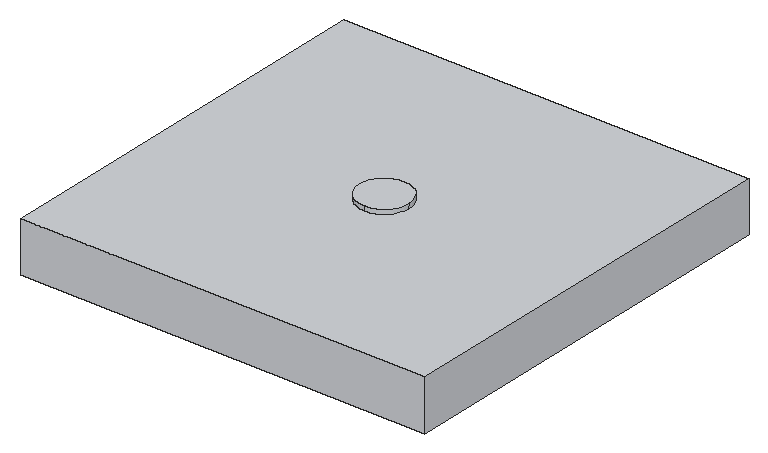
Revit family "M_Conector do duto redondo - Ar de exaustão - Terminal de ar", category Terminais de ar, Revit 2019
Family settings
  Hospedeiro = Face
  Cota do conector redondo = Usar raio
  Tipo de parte = Normal
  Número OmniClass = 23.75.70.21.27
  Título OmniClass = Air Outlets and Inlets
  ID de item do Seek = Round Duct Connector - Exhuast Air - Air Terminal-0000-CAN-ENU
  Corte com vazios quando carregada = Não
  Compartilhado = Não
  Ponto de cálculo do ambiente = Não
Parameters (values of type "Padrão")
  SetaAcimaVisível [instance] = yes
  Espessura = 25 mm
  SetaDireitaVisível [instance] = yes
  Raio = 150 mm
  SetaEsquerdaVisível [instance] = yes
  Fluxo [instance] = 47.19 L/s
  Diâmetro = Raio * 2  # 300 mm
  Default Elevation = 0 mm
  SetaInferiorVisível [instance] = yes
  Assembly Code = ""
  Deslocamento da seta = 362 mm
Reference planes
  plane 1 "Centro (Frente/Trás)": y = 0
  plane 2: z = 0
  plane 3 "Centro (Esquerda/Direita)": x = 0
Forms (mm)
  Extrusion 1, solid
    sketch origin (0, 0, 0) x (1, 0, 0) y (0, 1, 0)
      loop
        line (-1219.2, 1219.2) -> (-1219.2, -1219.2) -> (1219.2, -1219.2) -> (1219.2, 1219.2) -> (-1219.2, 1219.2)
    from 0 to -304.8
  Sweep 2, solid
    path in 3D
      loop
        line (0, 0, 0) -> (0, 0, 25)
    profile "M_Duto - Redondo : Duto - Redondo" origin (0, 0, 12.5) x (0, -1, 0) y (1, 0, 0)
      loop
        arc (-150, 0) -> (-106.066, -106.066) -> (0, -150) r 150
        arc (0, -150) -> (106.066, -106.066) -> (150, 0) r 150
        arc (150, 0) -> (106.066, 106.066) -> (0, 150) r 150
        arc (0, 150) -> (-106.066, 106.066) -> (-150, 0) r 150
Lines and regions (mm)
  reference lines
    curve 1: line (0, 0, 0) -> (0, 0, 25)
  sketch lines
    curve 2: line (0, 0, 0) -> (0, 0, 25)
Dimensions and locks
  "Espessura": curve 1 to curve 1
  "Deslocamento da seta": plane 1 "Centro (Frente/Trás)" to nested 2
  "Deslocamento da seta": nested 1 to plane 3 "Centro (Esquerda/Direita)"
  "Deslocamento da seta": plane 1 "Centro (Frente/Trás)" to nested 4
  "Deslocamento da seta": plane 3 "Centro (Esquerda/Direita)" to nested 3
  aligned and locked: plane 2 to Extrusion 1
  aligned and locked: level to Extrusion 1
  aligned and locked: Extrusion 1 to curve 1
  aligned and locked: curve 1 to plane 1 "Centro (Frente/Trás)"
  aligned and locked: nested 2 to plane 3 "Centro (Esquerda/Direita)"
  aligned and locked: plane 1 "Centro (Frente/Trás)" to nested 1
  aligned and locked: plane 3 "Centro (Esquerda/Direita)" to nested 4
  aligned and locked: nested 3 to plane 1 "Centro (Frente/Trás)"
Automatic sketch dimensions
  Extrusion 1 sketch curve to Extrusion 1 sketch curve = 2438.4 mm  (x2)
Nested families
  nested 1: "M_Seta terminal do duto_Reverso" at (-362, 0, 0), visible <- "SetaEsquerdaVisível", type "Seta do terminal do duto_Reverso"
  nested 2: "M_Seta terminal do duto_Reverso" at (0, 362, 0) x (0, -1, 0) z (0, 0, 1), visible <- "SetaAcimaVisível", type "Seta do terminal do duto_Reverso"
  nested 3: "M_Seta terminal do duto_Reverso" at (362, 0, 0) x (-1, 0, 0) z (0, 0, 1), visible <- "SetaDireitaVisível", type "Seta do terminal do duto_Reverso"
  nested 4: "M_Seta terminal do duto_Reverso" at (0, -362, 0) x (0, 1, 0) z (0, 0, 1), visible <- "SetaInferiorVisível", type "Seta do terminal do duto_Reverso"
Connectors
  hvac at (0, 0, 25), driven by "Raio", driven by "Fluxo"
    settings: on Sweep 2, index 1, duct flow 47.19 L/s, flow factor 0, pres drop 0.0 Pa, loss coef 0, conn angle 0.00°, conn width 304.8 mm, conn height 304.8 mm, conn diameter 300 mm, duct sys type 3, conn prof type 0, flow config 1, flow direction 2, loss method 0, conn ref index -1, conn util no, is conn primary yes, conn desc ""
Definition of nested family "M_Seta terminal do duto_Reverso"
  Reference planes
    plane 1: y = 0
    plane 2: x = 0
  Lines and regions (mm)
    Filled region 1, type "Preto sólido"
      outline origin (-25.4, 0, 0) x (1, 0, 0) y (0, 1, 0)
        loop
          line (25.4, 0) -> (22.225, 1.156) -> (22.225, -1.156) -> (25.4, 0)
    detail lines
      curve 1: line (-6.35, 0, 0) -> (0, 0, 0)
